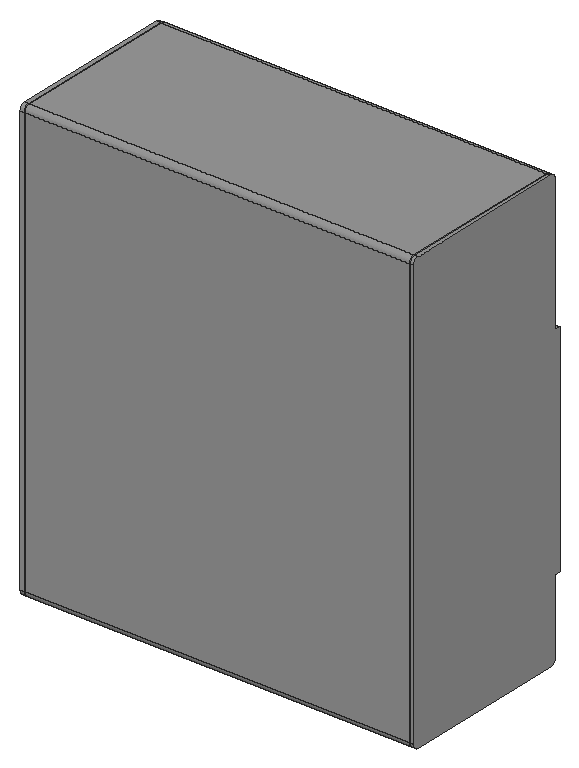
Revit family "L&L_LUCE&LIGHT_PASITO_1.0", category Lighting Fixtures, host Wall, Revit 2018 (continued)
Types (2, lengths in mm): name | Photometric Web File | built-in parameter 1150142
    .00 0.00 \r\n0.00 0.00 0.00 0.00 0.00 0.00 0.00 0.00 0.00 0.00 0.00 \r\n0.00 0.00 0.00 0.00 0.00 0.00 0.00 0.00 0.00 0.00 0.00 \r\n0.00 0.00 0.00 0.00 0.00 0.00 0.00 0.00 0.00 0.00 0.00 \r\n0.00 0.00 0.00 0.00 0.00 0.00 0.00 0.00 0.00 0.00 0.00 \r\n0.00 0.00 0.00 0.00 0.00 0.00 0.00 0.00 0.00 0.00 0.00 \r\n0.00 0.00 0.00 0.00 0.01 \r\n0.01 0.00 0.00 0.00 0.00 0.00 0.00 0.00 0.00 0.00 0.00 \r\n0.00 0.00 0.00 0.00 0.00 0.00 0.00 0.00 0.00 0.00 0.00 \r\n0.00 0.00 0.00 0.00 0.00 0.00 0.00 0.00 0.00 0.00 0.00 \r\n0.00 0.00 0.00 0.00 0.00 0.00 0.00 0.00 0.00 0.00 0.00 \r\n0.00 0.00 0.00 0.00 0.00 0.00 0.00 0.00 0.00 0.00 0.00 \r\n0.00 0.00 0.00 0.00 0.00 0.00 0.00 0.00 0.00 0.00 0.00 \r\n0.00 0.00 0.00 0.00 0.00 0.00 0.00 0.00 0.00 0.00 0.00 \r\n0.00 0.00 0.00 0.00 0.00 0.00 0.00 0.00 0.00 0.00 0.00 \r\n0.00 0.00 0.00 0.00 0.00 0.00 0.00 0.00 0.00 0.00 0.00 \r\n0.00 0.00 0.00 0.00 0.00 0.00 0.00 0.00 0.00 0.00 0.00 \r\n0.00 0.00 0.00 0.00 0.00 0.00 0.00 0.00 0.00 0.00 0.00 \r\n0.00 0.00 0.00 0.00 0.00 0.00 0.00 0.00 0.00 0.00 0.00 \r\n0.00 0.00 0.00 0.00 0.00 0.00 0.00 0.00 0.00 0.00 0.00 \r\n0.00 0.00 0.00 0.00 0.00 0.00 0.00 0.00 0.00 0.00 0.00 \r\n0.00 0.00 0.00 0.00 0.00 0.00 0.00 0.00 0.00 0.00 0.00 \r\n0.00 0.00 0.00 0.00 0.00 0.00 0.00 0.00 0.00 0.00 0.00 \r\n0.00 0.00 0.00 0.00 0.01 \r\n0.01 0.00 0.00 0.00 0.00 0.00 0.00 0.00 0.00 0.00 0.00 \r\n0.00 0.00 0.00 0.00 0.00 0.00 0.00 0.00 0.00 0.00 0.00 \r\n0.00 0.00 0.00 0.00 0.00 0.00 0.00 0.00 0.00 0.00 0.00 \r\n0.00 0.00 0.00 0.00 0.00 0.00 0.00 0.00 0.00 0.00 0.00 \r\n0.00 0.00 0.00 0.00 0.00 0.00 0.00 0.00 0.00 0.00 0.00 \r\n0.00 0.00 0.00 0.00 0.00 0.00 0.00 0.00 0.00 0.00 0.00 \r\n0.00 0.00 0.00 0.00 0.00 0.00 0.00 0.00 0.00 0.00 0.00 \r\n0.00 0.00 0.00 0.00 0.00 0.00 0.00 0.00 0.00 0.00 0.00 \r\n0.00 0.00 0.00 0.00 0.00 0.00 0.00 0.00 0.00 0.00 0.00 \r\n0.00 0.00 0.00 0.00 0.00 0.00 0.00 0.00 0.00 0.00 0.00 \r\n0.00 0.00 0.00 0.00 0.00 0.00 0.00 0.00 0.00 0.00 0.00 \r\n0.00 0.00 0.00 0.00 0.00 0.00 0.00 0.00 0.00 0.00 0.00 \r\n0.00 0.00 0.00 0.00 0.00 0.00 0.00 0.00 0.00 0.00 0.00 \r\n0.00 0.00 0.00 0.00 0.00 0.00 0.00 0.00 0.00 0.00 0.00 \r\n0.00 0.00 0.00 0.00 0.00 0.00 0.00 0.00 0.00 0.00 0.00 \r\n0.00 0.00 0.00 0.00 0.00 0.00 0.00 0.00 0.00 0.00 0.00 \r\n0.00 0.00 0.00 0.00 0.01 \r\n0.01 0.00 0.00 0.00 0.00 0.00 0.00 0.00 0.00 0.00 0.00 \r\n0.00 0.00 0.00 0.00 0.00 0.00 0.00 0.00 0.00 0.00 0.00 \r\n0.00 0.00 0.00 0.00 0.00 0.00 0.00 0.00 0.00 0.00 0.00 \r\n0.00 0.00 0.00 0.00 0.00 0.00 0.00 0.00 0.00 0.00 0.00 \r\n0.00 0.00 0.00 0.00 0.00 0.00 0.00 0.00 0.00 0.00 0.00 \r\n0.00 0.00 0.00 0.00 0.00 0.00 0.00 0.00 0.00 0.00 0.00 \r\n0.00 0.00 0.00 0.00 0.00 0.00 0.00 0.00 0.00 0.00 0.00 \r\n0.00 0.00 0.00 0.00 0.00 0.00 0.00 0.00 0.00 0.00 0.00 \r\n0.00 0.00 0.00 0.00 0.00 0.00 0.00 0.00 0.00 0.00 0.00 \r\n0.00 0.00 0.00 0.00 0.00 0.00 0.00 0.00 0.00 0.00 0.00 \r\n0.00 0.00 0.00 0.00 0.00 0.00 0.00 0.00 0.00 0.00 0.00 \r\n0.00 0.00 0.00 0.00 0.00 0.00 0.00 0.00 0.00 0.00 0.00 \r\n0.00 0.00 0.00 0.00 0.00 0.00 0.00 0.00 0.00 0.00 0.00 \r\n0.00 0.00 0.00 0.00 0.00 0.00 0.00 0.00 0.00 0.00 0.00 \r\n0.00 0.00 0.00 0.00 0.00 0.00 0.00 0.00 0.00 0.00 0.00 \r\n0.00 0.00 0.00 0.00 0.00 0.00 0.00 0.00 0.00 0.00 0.00 \r\n0.00 0.00 0.00 0.00 0.01 \r\n0.01 0.00 0.00 0.00 0.00 0.00 0.00 0.00 0.00 0.00 0.00 \r\n0.00 0.00 0.00 0.00 0.00 0.00 0.00 0.00 0.00 0.00 0.00 \r\n0.00 0.00 0.00 0.00 0.00 0.00 0.00 0.00 0.00 0.00 0.00 \r\n0.00 0.00 0.00 0.00 0.00 0.00 0.00 0.00 0.00 0.00 0.00 \r\n0.00 0.00 0.00 0.00 0.00 0.00 0.00 0.00 0.00 0.00 0.00 \r\n0.00 0.00 0.00 0.00 0.00 0.00 0.00 0.00 0.00 0.00 0.00 \r\n0.00 0.00 0.00 0.00 0.00 0.00 0.00 0.00 0.00 0.00 0.00 \r\n0.00 0.00 0.00 0.00 0.00 0.00 0.00 0.00 0.00 0.00 0.00 \r\n0.00 0.00 0.00 0.00 0.00 0.00 0.00 0.00 0.00 0.00 0.00 \r\n0.00 0.00 0.00 0.00 0.00 0.00 0.00 0.00 0.00 0.00 0.00 \r\n0.00 0.00 0.00 0.00 0.00 0.00 0.00 0.00 0.00 0.00 0.00 \r\n0.00 0.00 0.00 0.00 0.00 0.00 0.00 0.00 0.00 0.00 0.00 \r\n0.00 0.00 0.00 0.00 0.00 0.00 0.00 0.00 0.00 0.00 0.00 \r\n0.00 0.00 0.00 0.00 0.00 0.00 0.00 0.00 0.00 0.00 0.00 \r\n0.00 0.00 0.00 0.00 0.00 0.00 0.00 0.00 0.00 0.00 0.00 \r\n0.00 0.00 0.00 0.00 0.00 0.00 0.00 0.00 0.00 0.00 0.00 \r\n0.00 0.00 0.00 0.00 0.01 \r\n0.01 0.00 0.00 0.00 0.00 0.00 0.00 0.00 0.00 0.00 0.00 \r\n0.00 0.00 0.00 0.00 0.00 0.00 0.00 0.00 0.00 0.00 0.00 \r\n0.00 0.00 0.00 0.00 0.00 0.00 0.00 0.00 0.00 0.00 0.00 \r\n0.00 0.00 0.00 0.00 0.00 0.00 0.00 0.00 0.00 0.00 0.00 \r\n0.00 0.00 0.00 0.00 0.00 0.00 0.00 0.00 0.00 0.00 0.00 \r\n0.00 0.00 0.00 0.00 0.00 0.00 0.00 0.00 0.00 0.00 0.00 \r\n0.00 0.00 0.00 0.00 0.00 0.00 0.00 0.00 0.00 0.00 0.00 \r\n0.00 0.00 0.00 0.00 0.00 0.00 0.00 0.00 0.00 0.00 0.00 \r\n0.00 0.00 0.00 0.00 0.00 0.00 0.00 0.00 0.00 0.00 0.00 \r\n0.00 0.00 0.00 0.00 0.00 0.00 0.00 0.00 0.00 0.00 0.00 \r\n0.00 0.00 0.00 0.00 0.00 0.00 0.00 0.00 0.00 0.00 0.00 \r\n0.00 0.00 0.00 0.00 0.00 0.00 0.00 0.00 0.00 0.00 0.00 \r\n0.00 0.00 0.00 0.00 0.00 0.00 0.00 0.00 0.00 0.00 0.00 \r\n0.00 0.00 0.00 0.00 0.00 0.00 0.00 0.00 0.00 0.00 0.00 \r\n0.00 0.00 0.00 0.00 0.00 0.00 0.00 0.00 0.00 0.00 0.00 \r\n0.00 0.00 0.00 0.00 0.00 0.00 0.00 0.00 0.00 0.00 0.00 \r\n0.00 0.00 0.00 0.00 0.01 \r\n0.01 0.00 0.00 0.00 0.00 0.00 0.00 0.00 0.00 0.00 0.00 \r\n0.00 0.00 0.00 0.00 0.00 0.00 0.00 0.00 0.00 0.00 0.00 \r\n0.00 0.00 0.00 0.00 0.00 0.00 0.00 0.00 0.00 0.00 0.00 \r\n0.00 0.00 0.00 0.00 0.00 0.00 0.00 0.00 0.00 0.00 0.00 \r\n0.00 0.00 0.00 0.00 0.00 0.00 0.00 0.00 0.00 0.00 0.00 \r\n0.00 0.00 0.00 0.00 0.00 0.00 0.00 0.00 0.00 0.00 0.00 \r\n0.00 0.00 0.00 0.00 0.00 0.00 0.00 0.00 0.00 0.00 0.00 \r\n0.00 0.00 0.00 0.00 0.00 0.00 0.00 0.00 0.00 0.00 0.00 \r\n0.00 0.00 0.00 0.00 0.00 0.00 0.00 0.00 0.00 0.00 0.00 \r\n0.00 0.00 0.00 0.00 0.00 0.00 0.00 0.00 0.00 0.00 0.00 \r\n0.00 0.00 0.00 0.00 0.00 0.00 0.00 0.00 0.00 0.00 0.00 \r\n0.00 0.00 0.00 0.00 0.00 0.00 0.00 0.00 0.00 0.00 0.00 \r\n0.00 0.00 0.00 0.00 0.00 0.00 0.00 0.00 0.00 0.00 0.00 \r\n0.00 0.00 0.00 0.00 0.00 0.00 0.00 0.00 0.00 0.00 0.00 \r\n0.00 0.00 0.00 0.00 0.00 0.00 0.00 0.00 0.00 0.00 0.00 \r\n0.00 0.00 0.00 0.00 0.00 0.00 0.00 0.00 0.00 0.00 0.00 \r\n0.00 0.00 0.00 0.00 0.01 \r\n0.01 0.00 0.00 0.00 0.00 0.00 0.00 0.00 0.00 0.00 0.00 \r\n0.00 0.00 0.00 0.00 0.00 0.00 0.00 0.00 0.00 0.00 0.00 \r\n0.00 0.00 0.00 0.00 0.00 0.00 0.00 0.00 0.00 0.00 0.00 \r\n0.00 0.00 0.00 0.00 0.00 0.00 0.00 0.00 0.00 0.00 0.00 \r\n0.00 0.00 0.00 0.00 0.00 0.00 0.00 0.00 0.00 0.00 0.00 \r\n0.00 0.00 0.00 0.00 0.00 0.00 0.00 0.00 0.00 0.00 0.00 \r\n0.00 0.00 0.00 0.00 0.00 0.00 0.00 0.00 0.00 0.00 0.00 \r\n0.00 0.00 0.00 0.00 0.00 0.00 0.00 0.00 0.00 0.00 0.00 \r\n0.00 0.00 0.00 0.00 0.00 0.00 0.00 0.00 0.00 0.00 0.00 \r\n0.00 0.00 0.00 0.00 0.00 0.00 0.00 0.00 0.00 0.00 0.00 \r\n0.00 0.00 0.00 0.00 0.00 0.00 0.00 0.00 0.00 0.00 0.00 \r\n0.00 0.00 0.00 0.00 0.00 0.00 0.00 0.00 0.00 0.00 0.00 \r\n0.00 0.00 0.00 0.00 0.00 0.00 0.00 0.00 0.00 0.00 0.00 \r\n0.00 0.00 0.00 0.00 0.00 0.00 0.00 0.00 0.00 0.00 0.00 \r\n0.00 0.00 0.00 0.00 0.00 0.00 0.00 0.00 0.00 0.00 0.00 \r\n0.00 0.00 0.00 0.00 0.00 0.00 0.00 0.00 0.00 0.00 0.00 \r\n0.00 0.00 0.00 0.00 0.01 \r\n0.01 0.00 0.00 0.00 0.00 0.00 0.00 0.00 0.00 0.00 0.00 \r\n0.00 0.00 0.00 0.00 0.00 0.00 0.00 0.00 0.00 0.00 0.00 \r\n0.00 0.00 0.00 0.00 0.00 0.00 0.00 0.00 0.00 0.00 0.00 \r\n0.00 0.00 0.00 0.00 0.00 0.00 0.00 0.00 0.00 0.00 0.00 \r\n0.00 0.00 0.00 0.00 0.00 0.00 0.00 0.00 0.00 0.00 0.00 \r\n0.00 0.00 0.00 0.00 0.00 0.00 0.00 0.00 0.00 0.00 0.00 \r\n0.00 0.00 0.00 0.00 0.00 0.00 0.00 0.00 0.00 0.00 0.00 \r\n0.00 0.00 0.00 0.00 0.00 0.00 0.00 0.00 0.00 0.00 0.00 \r\n0.00 0.00 0.00 0.00 0.00 0.00 0.00 0.00 0.00 0.00 0.00 \r\n0.00 0.00 0.00 0.00 0.00 0.00 0.00 0.00 0.00 0.00 0.00 \r\n0.00 0.00 0.00 0.00 0.00 0.00 0.00 0.00 0.00 0.00 0.00 \r\n0.00 0.00 0.00 0.00 0.00 0.00 0.00 0.00 0.00 0.00 0.00 \r\n0.00 0.00 0.00 0.00 0.00 0.00 0.00 0.00 0.00 0.00 0.00 \r\n0.00 0.00 0.00 0.00 0.00 0.00 0.00 0.00 0.00 0.00 0.00 \r\n0.00 0.00 0.00 0.00 0.00 0.00 0.00 0.00 0.00 0.00 0.00 \r\n0.00 0.00 0.00 0.00 0.00 0.00 0.00 0.00 0.00 0.00 0.00 \r\n0.00 0.00 0.00 0.00 0.01 \r\n0.01 0.00 0.00 0.00 0.00 0.00 0.00 0.00 0.00 0.00 0.00 \r\n0.00 0.00 0.00 0.00 0.00 0.00 0.00 0.00 0.00 0.00 0.00 \r\n0.00 0.00 0.00 0.00 0.00 0.00 0.00 0.00 0.00 0.00 0.00 \r\n0.00 0.00 0.00 0.00 0.00 0.00 0.00 0.00 0.00 0.00 0.00 \r\n0.00 0.00 0.00 0.00 0.00 0.00 0.00 0.00 0.00 0.00 0.00 \r\n0.00 0.00 0.00 0.00 0.00 0.00 0.00 0.00 0.00 0.00 0.00 \r\n0.00 0.00 0.00 0.00 0.00 0.00 0.00 0.00 0.00 0.00 0.00 \r\n0.00 0.00 0.00 0.00 0.00 0.00 0.00 0.00 0.00 0.00 0.00 \r\n0.00 0.00 0.00 0.00 0.00 0.00 0.00 0.00 0.00 0.00 0.00 \r\n0.00 0.00 0.00 0.00 0.00 0.00 0.00 0.00 0.00 0.00 0.00 \r\n0.00 0.00 0.00 0.00 0.00 0.00 0.00 0.00 0.00 0.00 0.00 \r\n0.00 0.00 0.00 0.00 0.00 0.00 0.00 0.00 0.00 0.00 0.00 \r\n0.00 0.00 0.00 0.00 0.00 0.00 0.00 0.00 0.00 0.00 0.00 \r\n0.00 0.00 0.00 0.00 0.00 0.00 0.00 0.00 0.00 0.00 0.00 \r\n0.00 0.00 0.00 0.00 0.00 0.00 0.00 0.00 0.00 0.00 0.00 \r\n0.00 0.00 0.00 0.00 0.00 0.00 0.00 0.00 0.00 0.00 0.00 \r\n0.00 0.00 0.00 0.00 0.01 \r\n0.01 0.00 0.00 0.00 0.00 0.00 0.00 0.00 0.00 0.00 0.00 \r\n0.00 0.00 0.00 0.00 0.00 0.00 0.00 0.00 0.00 0.00 0.00 \r\n0.00 0.00 0.00 0.00 0.00 0.00 0.00 0.00 0.00 0.00 0.00 \r\n0.00 0.00 0.00 0.00 0.00 0.00 0.00 0.00 0.00 0.00 0.00 \r\n0.00 0.00 0.00 0.00 0.00 0.00 0.00 0.00 0.00 0.00 0.00 \r\n0.00 0.00 0.00 0.00 0.00 0.00 0.00 0.00 0.00 0.00 0.00 \r\n0.00 0.00 0.00 0.00 0.00 0.00 0.00 0.00 0.00 0.00 0.00 \r\n0.00 0.00 0.00 0.00 0.00 0.00 0.00 0.00 0.00 0.00 0.00 \r\n0.00 0.00 0.00 0.00 0.00 0.00 0.00 0.00 0.00 0.00 0.00 \r\n0.00 0.00 0.00 0.00 0.00 0.00 0.00 0.00 0.00 0.00 0.00 \r\n0.00 0.00 0.00 0.00 0.00 0.00 0.00 0.00 0.00 0.00 0.00 \r\n0.00 0.00 0.00 0.00 0.00 0.00 0.00 0.00 0.00 0.00 0.00 \r\n0.00 0.00 0.00 0.00 0.00 0.00 0.00 0.00 0.00 0.00 0.00 \r\n0.00 0.00 0.00 0.00 0.00 0.00 0.00 0.00 0.00 0.00 0.00 \r\n0.00 0.00 0.00 0.00 0.00 0.00 0.00 0.00 0.00 0.00 0.00 \r\n0.00 0.00 0.00 0.00 0.00 0.00 0.00 0.00 0.00 0.00 0.00 \r\n0.00 0.00 0.00 0.00 0.01 \r\n0.01 0.00 0.00 0.00 0.00 0.00 0.00 0.00 0.00 0.00 0.00 \r\n0.00 0.00 0.00 0.00 0.00 0.00 0.00 0.00 0.00 0.00 0.00 \r\n0.00 0.00 0.00 0.00 0.00 0.00 0.00 0.00 0.00 0.00 0.00 \r\n0.00 0.00 0.00 0.00 0.00 0.00 0.00 0.00 0.00 0.00 0.00 \r\n0.00 0.00 0.00 0.00 0.00 0.00 0.00 0.00 0.00 0.00 0.00 \r\n0.00 0.00 0.00 0.00 0.00 0.00 0.00 0.00 0.00 0.00 0.00 \r\n0.00 0.00 0.00 0.00 0.00 0.00 0.00 0.00 0.00 0.00 0.00 \r\n0.00 0.00 0.00 0.00 0.00 0.00 0.00 0.00 0.00 0.00 0.00 \r\n0.00 0.00 0.00 0.00 0.00 0.00 0.00 0.00 0.00 0.00 0.00 \r\n0.00 0.00 0.00 0.00 0.00 0.00 0.00 0.00 0.00 0.00 0.00 \r\n0.00 0.00 0.00 0.00 0.00 0.00 0.00 0.00 0.00 0.00 0.00 \r\n0.00 0.00 0.00 0.00 0.00 0.00 0.00 0.00 0.00 0.00 0.00 \r\n0.00 0.00 0.00 0.00 0.00 0.00 0.00 0.00 0.00 0.00 0.00 \r\n0.00 0.00 0.00 0.00 0.00 0.00 0.00 0.00 0.00 0.00 0.00 \r\n0.00 0.00 0.00 0.00 0.00 0.00 0.00 0.00 0.00 0.00 0.00 \r\n0.00 0.00 0.00 0.00 0.00 0.00 0.00 0.00 0.00 0.00 0.00 \r\n0.00 0.00 0.00 0.00 0.01 \r\n0.01 0.00 0.00 0.00 0.00 0.00 0.00 0.00 0.00 0.00 0.00 \r\n0.00 0.00 0.00 0.00 0.00 0.00 0.00 0.00 0.00 0.00 0.00 \r\n0.00 0.00 0.00 0.00 0.00 0.00 0.00 0.00 0.00 0.00 0.00 \r\n0.00 0.00 0.00 0.00 0.00 0.00 0.00 0.00 0.00 0.00 0.00 \r\n0.00 0.00 0.00 0.00 0.00 0.00 0.00 0.00 0.00 0.00 0.00 \r\n0.00 0.00 0.00 0.00 0.00 0.00 0.00 0.00 0.00 0.00 0.00 \r\n0.00 0.00 0.00 0.00 0.00 0.00 0.00 0.00 0.00 0.00 0.00 \r\n0.00 0.00 0.00 0.00 0.00 0.00 0.00 0.00 0.00 0.00 0.00 \r\n0.00 0.00 0.00 0.00 0.00 0.00 0.00 0.00 0.00 0.00 0.00 \r\n0.00 0.00 0.00 0.00 0.00 0.00 0.00 0.00 0.00 0.00 0.00 \r\n0.00 0.00 0.00 0.00 0.00 0.00 0.00 0.00 0.00 0.00 0.00 \r\n0.00 0.00 0.00 0.00 0.00 0.00 0.00 0.00 0.00 0.00 0.00 \r\n0.00 0.00 0.00 0.00 0.00 0.00 0.00 0.00 0.00 0.00 0.00 \r\n0.00 0.00 0.00 0.00 0.00 0.00 0.00 0.00 0.00 0.00 0.00 \r\n0.00 0.00 0.00 0.00 0.00 0.00 0.00 0.00 0.00 0.00 0.00 \r\n0.00 0.00 0.00 0.00 0.00 0.00 0.00 0.00 0.00 0.00 0.00 \r\n0.00 0.00 0.00 0.00 0.01 \r\n0.01 0.00 0.00 0.00 0.00 0.00 0.00 0.00 0.00 0.00 0.00 \r\n0.00 0.00 0.00 0.00 0.00 0.00 0.00 0.00 0.00 0.00 0.00 \r\n0.00 0.00 0.00 0.00 0.00 0.00 0.00 0.00 0.00 0.00 0.00 \r\n0.00 0.00 0.00 0.00 0.00 0.00 0.00 0.00 0.00 0.00 0.00 \r\n0.00 0.00 0.00 0.00 0.00 0.00 0.00 0.00 0.00 0.00 0.00 \r\n0.00 0.00 0.00 0.00 0.00 0.00 0.00 0.00 0.00 0.00 0.00 \r\n0.00 0.00 0.00 0.00 0.00 0.00 0.00 0.00 0.00 0.00 0.00 \r\n0.00 0.00 0.00 0.00 0.00 0.00 0.00 0.00 0.00 0.00 0.00 \r\n0.00 0.00 0.00 0.00 0.00 0.00 0.00 0.00 0.00 0.00 0.00 \r\n0.00 0.00 0.00 0.00 0.00 0.00 0.00 0.00 0.00 0.00 0.00 \r\n0.00 0.00 0.00 0.00 0.00 0.00 0.00 0.00 0.00 0.00 0.00 \r\n0.00 0.00 0.00 0.00 0.00 0.00 0.00 0.00 0.00 0.00 0.00 \r\n0.00 0.00 0.00 0.00 0.00 0.00 0.00 0.00 0.00 0.00 0.00 \r\n0.00 0.00 0.00 0.00 0.00 0.00 0.00 0.00 0.00 0.00 0.00 \r\n0.00 0.00 0.00 0.00 0.00 0.00 0.00 0.00 0.00 0.00 0.00 \r\n0.00 0.00 0.00 0.00 0.00 0.00 0.00 0.00 0.00 0.00 0.00 \r\n0.00 0.00 0.00 0.00 0.01 \r\n0.01 0.00 0.00 0.00 0.00 0.00 0.00 0.00 0.00 0.00 0.00 \r\n0.00 0.00 0.00 0.00 0.00 0.00 0.00 0.00 0.00 0.00 0.00 \r\n0.00 0.00 0.00 0.00 0.00 0.00 0.00 0.00 0.00 0.00 0.00 \r\n0.00 0.00 0.00 0.00 0.00 0.00 0.00 0.00 0.00 0.00 0.00 \r\n0.00 0.00 0.00 0.00 0.00 0.00 0.00 0.00 0.00 0.00 0.00 \r\n0.00 0.00 0.00 0.00 0.00 0.00 0.00 0.00 0.00 0.00 0.00 \r\n0.00 0.00 0.00 0.00 0.00 0.00 0.00 0.00 0.00 0.00 0.00 \r\n0.00 0.00 0.00 0.00 0.00 0.00 0.00 0.00 0.00 0.00 0.00 \r\n0.00 0.00 0.00 0.00 0.00 0.00 0.00 0.00 0.00 0.00 0.00 \r\n0.00 0.00 0.00 0.00 0.00 0.00 0.00 0.00 0.00 0.00 0.00 \r\n0.00 0.00 0.00 0.00 0.00 0.00 0.00 0.00 0.00 0.00 0.00 \r\n0.00 0.00 0.00 0.00 0.00 0.00 0.00 0.00 0.00 0.00 0.00 \r\n0.00 0.00 0.00 0.00 0.00 0.00 0.00 0.00 0.00 0.00 0.00 \r\n0.00 0.00 0.00 0.00 0.00 0.00 0.00 0.00 0.00 0.00 0.00 \r\n0.00 0.00 0.00 0.00 0.00 0.00 0.00 0.00 0.00 0.00 0.00 \r\n0.00 0.00 0.00 0.00 0.00 0.00 0.00 0.00 0.00 0.00 0.00 \r\n0.00 0.00 0.00 0.01 0.01 \r\n0.01 0.00 0.00 0.00 0.00 0.00 0.00 0.00 0.00 0.00 0.00 \r\n0.00 0.00 0.00 0.00 0.00 0.00 0.00 0.00 0.00 0.00 0.00 \r\n0.00 0.00 0.00 0.00 0.00 0.00 0.00 0.00 0.00 0.00 0.00 \r\n0.00 0.00 0.00 0.00 0.00 0.00 0.00 0.00 0.00 0.00 0.00 \r\n0.00 0.00 0.00 0.00 0.00 0.00 0.00 0.00 0.00 0.00 0.00 \r\n0.00 0.00 0.00 0.00 0.00 0.00 0.00 0.00 0.00 0.00 0.00 \r\n0.00 0.00 0.00 0.00 0.00 0.00 0.00 0.00 0.00 0.00 0.00 \r\n0.00 0.00 0.00 0.00 0.00 0.00 0.00 0.00 0.00 0.00 0.00 \r\n0.00 0.00 0.00 0.00 0.00 0.00 0.00 0.00 0.00 0.00 0.00 \r\n0.00 0.00 0.00 0.00 0.00 0.00 0.00 0.00 0.00 0.00 0.00 \r\n0.00 0.00 0.00 0.00 0.00 0.00 0.00 0.00 0.00 0.00 0.00 \r\n0.00 0.00 0.00 0.00 0.00 0.00 0.00 0.00 0.00 0.00 0.00 \r\n0.00 0.00 0.00 0.00 0.00 0.00 0.00 0.00 0.00 0.00 0.00 \r\n0.00 0.00 0.00 0.00 0.00 0.00 0.00 0.00 0.00 0.00 0.00 \r\n0.00 0.00 0.00 0.00 0.00 0.00 0.00 0.00 0.00 0.00 0.00 \r\n0.00 0.00 0.00 0.00 0.00 0.00 0.00 0.00 0.00 0.00 0.00 \r\n0.00 0.00 0.00 0.01 0.01 \r\n0.01 0.01 0.00 0.00 0.00 0.00 0.00 0.00 0.00 0.00 0.00 \r\n0.00 0.00 0.00 0.00 0.00 0.00 0.00 0.00 0.00 0.00 0.00 \r\n0.00 0.00 0.00 0.00 0.00 0.00 0.00 0.00 0.00 0.00 0.00 \r\n0.00 0.00 0.00 0.00 0.00 0.00 0.00 0.00 0.00 0.00 0.00 \r\n0.00 0.00 0.00 0.00 0.00 0.00 0.00 0.00 0.00 0.00 0.00 \r\n0.00 0.00 0.00 0.00 0.00 0.00 0.00 0.00 0.00 0.00 0.00 \r\n0.00 0.00 0.00 0.00 0.00 0.00 0.00 0.00 0.00 0.00 0.00 \r\n0.00 0.00 0.00 0.00 0.00 0.00 0.00 0.00 0.00 0.00 0.00 \r\n0.00 0.00 0.00 0.00 0.00 0.00 0.00 0.00 0.00 0.00 0.00 \r\n0.00 0.00 0.00 0.00 0.00 0.00 0.00 0.00 0.00 0.00 0.00 \r\n0.00 0.00 0.00 0.00 0.00 0.00 0.00 0.00 0.00 0.00 0.00 \r\n0.00 0.00 0.00 0.00 0.00 0.00 0.00 0.00 0.00 0.00 0.00 \r\n0.00 0.00 0.00 0.00 0.00 0.00 0.00 0.00 0.00 0.00 0.00 \r\n0.00 0.00 0.00 0.00 0.00 0.00 0.00 0.00 0.00 0.00 0.00 \r\n0.00 0.00 0.00 0.00 0.00 0.00 0.00 0.00 0.00 0.00 0.00 \r\n0.00 0.00 0.00 0.00 0.00 0.00 0.00 0.00 0.00 0.00 0.00 \r\n0.00 0.00 0.00 0.01 0.01 \r\n0.01 0.01 0.00 0.00 0.00 0.00 0.00 0.00 0.00 0.00 0.00 \r\n0.00 0.00 0.00 0.00 0.00 0.00 0.00 0.00 0.00 0.00 0.00 \r\n0.00 0.00 0.00 0.00 0.00 0.00 0.00 0.00 0.00 0.00 0.00 \r\n0.00 0.00 0.00 0.00 0.00 0.00 0.00 0.00 0.00 0.00 0.00 \r\n0.00 0.00 0.00 0.00 0.00 0.00 0.00 0.00 0.00 0.00 0.00 \r\n0.00 0.00 0.00 0.00 0.00 0.00 0.00 0.00 0.00 0.00 0.00 \r\n0.00 0.00 0.00 0.00 0.00 0.00 0.00 0.00 0.00 0.00 0.00 \r\n0.00 0.00 0.00 0.00 0.00 0.00 0.00 0.00 0.00 0.00 0.00 \r\n0.00 0.00 0.00 0.00 0.00 0.00 0.00 0.00 0.00 0.00 0.00 \r\n0.00 0.00 0.00 0.00 0.00 0.00 0.00 0.00 0.00 0.00 0.00 \r\n0.00 0.00 0.00 0.00 0.00 0.00 0.00 0.00 0.00 0.00 0.00 \r\n0.00 0.00 0.00 0.00 0.00 0
